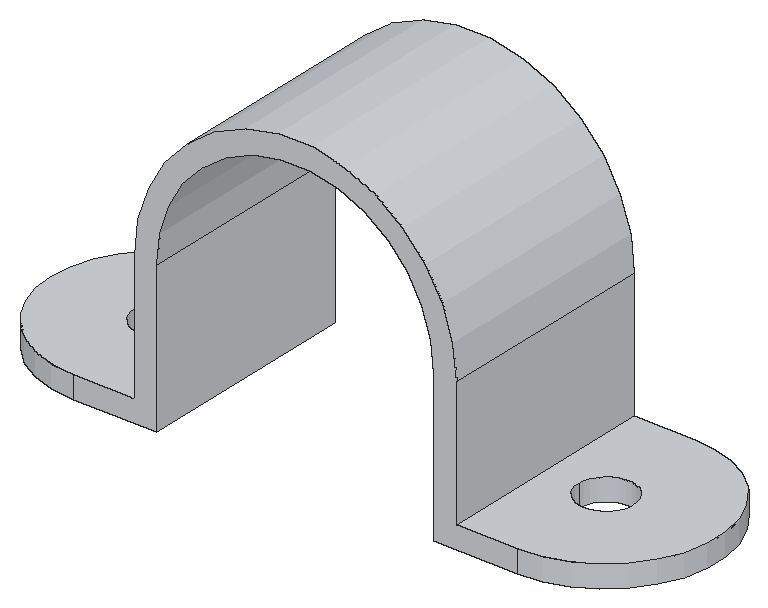
Revit family "PPS25W", category Generic Models, Revit 2017
Family settings
  Can host rebar = No
  Round Connector Dimension = Use Diameter
  Part Type = Normal
  Work Plane-Based = Yes
  Always vertical = No
  Cut with Voids When Loaded = No
  Shared = No
  Room Calculation Point = No
Parameters (values of type "NBS Standard Parameters")
  Weight = "0.0074Kg"
  WarrantyStartDate [instance] = "1900-12-31T23:59:59"
  WarrantyGuarantorParts = "n/a"
  WarrantyGuarantorLabor = "n/a"
  WarrantyDurationUnit = "1 year"
  WarrantyDurationParts = "n/a"
  WarrantyDurationLabor = "n/a"
  WarrantyDescription = "n/a"
  Version = "1"
  Uniclass2 = "Pr_65_70_11_20"
  TagNumber [instance] = "n/a"
  SustainabilityPerformance = "n/a"
  Size = "25mm"
  Shape = "n/a"
  SerialNumber [instance] = "n/a"
  Revision = "n/a"
  ReplacementCost = "n/a"
  ProductInformation = "www.metpro.co.uk/pdf/pps25w.pdf"
  NominalWidth = 20 mm
  NominalLength = 55 mm
  NominalHeight = 26 mm
  Name = ""
  NBSTypeID = ""
  NBSReference = "90-55-10/460"
  NBSOfficeMasterTag = ""
  NBSNote = ""
  NBSDescription = "Conduit Fittings"
  NBSCertification = ""
  ModelReference = "PPS25W"
  ModelNumber = "n/a"
  Material = "PVC"
  ManufacturerURL = "www.metpro.co.uk"
  ManufacturerName = "Metpro Ltd"
  Keynote = "Manufactured to BS4607 Part 1"
  InstallationDate [instance] = "1900-12-31T23:59:59"
  IfcExportType = ""
  IfcExportAs = ""
  Grade = "n/a"
  Finish = "White"
  Features = "n/a"
  ExpectedLife = "n/a"
  DurationUnit = "year"
  Description = "PPS25W - 25mm PVC Plain Saddle"
  Default Elevation = 1219.2 mm
  Constituents = "n/a"
  Color = "n/a"
  CodePerformance = "n/a"
  Category = "n/a"
  BarCode [instance] = "n/a"
  BIMObjectName = "metpro_metprolibrary_conduitfittings_PVC component_accessory"
  Author = "Metpro Ltd"
  AssetType = ""
  AssetIdentifier [instance] = "n/a"
  AccessibilityPerformance = "n/a"
Reference planes
  plane 1 "Center (Front/Back)": y = 0
  plane 2: z = 0
  plane 3 "Center (Left/Right)": x = 0
Forms (mm)
  Extrusion 1, solid
    sketch origin (-257.462, -111.627, -2.858) x (0, 0, -1) y (-1, 0, 0)
      loop
        line (-14.358, 12.5) -> (-0.858, 12.5) -> (-0.858, 30) -> (-2.858, 30) -> (-2.858, 14.5) -> (-14.358, 14.5)
        arc (-14.358, 14.5) -> (-28.858, 0) -> (-14.358, -14.5) r 14.5
        line (-14.358, -14.5) -> (-2.858, -14.5) -> (-2.858, -30) -> (-0.858, -30) -> (-0.858, -12.5) -> (-14.358, -12.5)
        arc (-14.358, -12.5) -> (-26.858, 0) -> (-14.358, 12.5) r 12.5
    from 0 to 20
  Extrusion 2, void
    sketch origin (-267.462, -111.627, 0) x (0, -1, 0) y (-1, 0, 0)
      loop
        line (0, 10) -> (5.77, 10) -> (5.77, 22.94) -> (-23.161, 22.94) -> (-23.161, 10) -> (-20, 10)
        arc (-20, 10) -> (-10, 20) -> (0, 10) r 10
      loop
        arc (0, -30) -> (-10, -40) -> (-20, -30) r 10
        line (-20, -30) -> (-23.161, -30) -> (-23.161, -42.94) -> (5.77, -42.94) -> (5.77, -30) -> (0, -30)
      loop
        circle (-10, 10) r 2.504
      loop
        circle (-10, -30) r 2.507
    from 0 to 2.493
Cuts and joins
  Extrusion 2 cuts Extrusion 1
Dimensions and locks
  aligned and locked: level to plane 2
